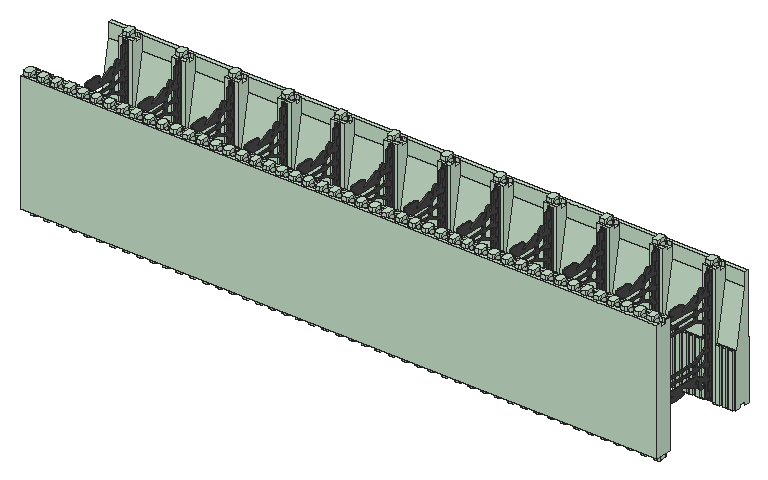
Revit family (continued)
Forms (mm)
  Extrusion 54, void
    sketch origin (1574.8, 0.015, 0) x (-1, 0, 0) y (0, -1, 0)
      loop
        arc (50.8, -101.014) -> (50.362, -98.696) -> (49.108, -96.698) r 6.35
        arc (49.108, -96.698) -> (48.795, -96.199) -> (48.685, -95.62) r 1.588
        line (48.685, -95.62) -> (48.685, -86.829) -> (44.346, -86.829) -> (44.346, -92.457)
        arc (44.346, -92.457) -> (43.786, -93.668) -> (42.5, -94.024) r 1.587
        arc (42.5, -94.024) -> (36.091, -93.737) -> (29.796, -94.972) r 26.988
        arc (29.796, -94.972) -> (26.615, -97.278) -> (25.4, -101.014) r 6.35
        line (25.4, -101.014) -> (25.4, -124.411)
    from 457.2 to 444.5
  Extrusion 55, void
    sketch origin (1371.6, 0.015, 0) x (-1, 0, 0) y (0, -1, 0)
      loop
        arc (25.4, -124.411) -> (26.615, -128.147) -> (29.796, -130.453) r 6.35
        arc (29.796, -130.453) -> (38.1, -131.763) -> (46.404, -130.453) r 26.987
        arc (46.404, -130.453) -> (49.585, -128.147) -> (50.8, -124.411) r 6.35
        line (50.8, -124.411) -> (50.8, -101.014)
        arc (50.8, -101.014) -> (50.362, -98.696) -> (49.108, -96.698) r 6.35
        arc (49.108, -96.698) -> (48.795, -96.199) -> (48.685, -95.62) r 1.588
        line (48.685, -95.62) -> (48.685, -86.829) -> (44.346, -86.829) -> (44.346, -92.457)
        arc (44.346, -92.457) -> (43.786, -93.668) -> (42.5, -94.024) r 1.587
        arc (42.5, -94.024) -> (36.091, -93.737) -> (29.796, -94.972) r 26.988
        arc (29.796, -94.972) -> (26.615, -97.278) -> (25.4, -101.014) r 6.35
        line (25.4, -101.014) -> (25.4, -124.411)
    from 457.2 to 444.5
  Extrusion 56, void
    sketch origin (1168.4, 0.015, 0) x (-1, 0, 0) y (0, -1, 0)
      loop
        arc (25.4, -124.411) -> (26.615, -128.147) -> (29.796, -130.453) r 6.35
        arc (29.796, -130.453) -> (38.1, -131.763) -> (46.404, -130.453) r 26.987
        arc (46.404, -130.453) -> (49.585, -128.147) -> (50.8, -124.411) r 6.35
        line (50.8, -124.411) -> (50.8, -101.014)
        arc (50.8, -101.014) -> (50.362, -98.696) -> (49.108, -96.698) r 6.35
        arc (49.108, -96.698) -> (48.795, -96.199) -> (48.685, -95.62) r 1.588
        line (48.685, -95.62) -> (48.685, -86.829) -> (44.346, -86.829) -> (44.346, -92.457)
        arc (44.346, -92.457) -> (43.786, -93.668) -> (42.5, -94.024) r 1.587
        arc (42.5, -94.024) -> (36.091, -93.737) -> (29.796, -94.972) r 26.988
        arc (29.796, -94.972) -> (26.615, -97.278) -> (25.4, -101.014) r 6.35
        line (25.4, -101.014) -> (25.4, -124.411)
    from 457.2 to 444.5
  Extrusion 57, void
    sketch origin (965.2, 0.015, 0) x (-1, 0, 0) y (0, -1, 0)
      loop
        arc (25.4, -124.411) -> (26.615, -128.147) -> (29.796, -130.453) r 6.35
        arc (29.796, -130.453) -> (38.1, -131.763) -> (46.404, -130.453) r 26.987
        arc (46.404, -130.453) -> (49.585, -128.147) -> (50.8, -124.411) r 6.35
        line (50.8, -124.411) -> (50.8, -101.014)
        arc (50.8, -101.014) -> (50.362, -98.696) -> (49.108, -96.698) r 6.35
        arc (49.108, -96.698) -> (48.795, -96.199) -> (48.685, -95.62) r 1.588
        line (48.685, -95.62) -> (48.685, -86.829) -> (44.346, -86.829) -> (44.346, -92.457)
        arc (44.346, -92.457) -> (43.786, -93.668) -> (42.5, -94.024) r 1.587
        arc (42.5, -94.024) -> (36.091, -93.737) -> (29.796, -94.972) r 26.988
        arc (29.796, -94.972) -> (26.615, -97.278) -> (25.4, -101.014) r 6.35
        line (25.4, -101.014) -> (25.4, -124.411)
    from 457.2 to 444.5
  Extrusion 58, void
    sketch origin (762, 0.015, 0) x (-1, 0, 0) y (0, -1, 0)
      loop
        arc (25.4, -124.411) -> (26.615, -128.147) -> (29.796, -130.453) r 6.35
        arc (29.796, -130.453) -> (38.1, -131.763) -> (46.404, -130.453) r 26.987
        arc (46.404, -130.453) -> (49.585, -128.147) -> (50.8, -124.411) r 6.35
        line (50.8, -124.411) -> (50.8, -101.014)
        arc (50.8, -101.014) -> (50.362, -98.696) -> (49.108, -96.698) r 6.35
        arc (49.108, -96.698) -> (48.795, -96.199) -> (48.685, -95.62) r 1.588
        line (48.685, -95.62) -> (48.685, -86.829) -> (44.346, -86.829) -> (44.346, -92.457)
        arc (44.346, -92.457) -> (43.786, -93.668) -> (42.5, -94.024) r 1.587
        arc (42.5, -94.024) -> (36.091, -93.737) -> (29.796, -94.972) r 26.988
        arc (29.796, -94.972) -> (26.615, -97.278) -> (25.4, -101.014) r 6.35
        line (25.4, -101.014) -> (25.4, -124.411)
    from 457.2 to 444.5
  Extrusion 59, void
    sketch origin (558.8, 0.015, 0) x (-1, 0, 0) y (0, -1, 0)
      loop
        arc (25.4, -124.411) -> (26.615, -128.147) -> (29.796, -130.453) r 6.35
        arc (29.796, -130.453) -> (38.1, -131.763) -> (46.404, -130.453) r 26.987
        arc (46.404, -130.453) -> (49.585, -128.147) -> (50.8, -124.411) r 6.35
        line (50.8, -124.411) -> (50.8, -101.014)
        arc (50.8, -101.014) -> (50.362, -98.696) -> (49.108, -96.698) r 6.35
        arc (49.108, -96.698) -> (48.795, -96.199) -> (48.685, -95.62) r 1.588
        line (48.685, -95.62) -> (48.685, -86.829) -> (44.346, -86.829) -> (44.346, -92.457)
        arc (44.346, -92.457) -> (43.786, -93.668) -> (42.5, -94.024) r 1.587
        arc (42.5, -94.024) -> (36.091, -93.737) -> (29.796, -94.972) r 26.988
        arc (29.796, -94.972) -> (26.615, -97.278) -> (25.4, -101.014) r 6.35
        line (25.4, -101.014) -> (25.4, -124.411)
    from 457.2 to 444.5
  Extrusion 60, void
    sketch origin (355.6, 0.015, 0) x (-1, 0, 0) y (0, -1, 0)
      loop
        arc (25.4, -124.411) -> (26.615, -128.147) -> (29.796, -130.453) r 6.35
        arc (29.796, -130.453) -> (38.1, -131.763) -> (46.404, -130.453) r 26.987
        arc (46.404, -130.453) -> (49.585, -128.147) -> (50.8, -124.411) r 6.35
        line (50.8, -124.411) -> (50.8, -101.014)
        arc (50.8, -101.014) -> (50.362, -98.696) -> (49.108, -96.698) r 6.35
        arc (49.108, -96.698) -> (48.795, -96.199) -> (48.685, -95.62) r 1.588
        line (48.685, -95.62) -> (48.685, -86.829) -> (44.346, -86.829) -> (44.346, -92.457)
        arc (44.346, -92.457) -> (43.786, -93.668) -> (42.5, -94.024) r 1.587
        arc (42.5, -94.024) -> (36.091, -93.737) -> (29.796, -94.972) r 26.988
        arc (29.796, -94.972) -> (26.615, -97.278) -> (25.4, -101.014) r 6.35
        line (25.4, -101.014) -> (25.4, -124.411)
    from 457.2 to 444.5
  Extrusion 61, void
    sketch origin (152.4, 0.015, 0) x (-1, 0, 0) y (0, -1, 0)
      loop
        arc (25.4, -124.411) -> (26.615, -128.147) -> (29.796, -130.453) r 6.35
        arc (29.796, -130.453) -> (38.1, -131.763) -> (46.404, -130.453) r 26.987
        arc (46.404, -130.453) -> (49.585, -128.147) -> (50.8, -124.411) r 6.35
        line (50.8, -124.411) -> (50.8, -101.014)
        arc (50.8, -101.014) -> (50.362, -98.696) -> (49.108, -96.698) r 6.35
        arc (49.108, -96.698) -> (48.795, -96.199) -> (48.685, -95.62) r 1.588
        line (48.685, -95.62) -> (48.685, -86.829) -> (44.346, -86.829) -> (44.346, -92.457)
        arc (44.346, -92.457) -> (43.786, -93.668) -> (42.5, -94.024) r 1.587
        arc (42.5, -94.024) -> (36.091, -93.737) -> (29.796, -94.972) r 26.988
        arc (29.796, -94.972) -> (26.615, -97.278) -> (25.4, -101.014) r 6.35
        line (25.4, -101.014) -> (25.4, -124.411)
    from 457.2 to 444.5
  Extrusion 62, void
    sketch origin (50.8, -152.385, 0) x (-1, 0, 0) y (0, -1, 0)
      loop
        line (25.4, 124.411) -> (25.4, 101.014)
        arc (25.4, 101.014) -> (26.615, 97.278) -> (29.796, 94.972) r 6.35
        arc (29.796, 94.972) -> (36.091, 93.737) -> (42.5, 94.024) r 26.988
        arc (42.5, 94.024) -> (43.786, 93.668) -> (44.346, 92.457) r 1.587
        line (44.346, 92.457) -> (44.346, 86.829) -> (48.685, 86.829) -> (48.685, 95.62)
        arc (48.685, 95.62) -> (48.795, 96.199) -> (49.108, 96.698) r 1.588
        arc (49.108, 96.698) -> (50.362, 98.696) -> (50.8, 101.014) r 6.35
        line (50.8, 101.014) -> (50.8, 124.411)
        arc (50.8, 124.411) -> (49.585, 128.147) -> (46.404, 130.453) r 6.35
        arc (46.404, 130.453) -> (38.1, 131.763) -> (29.796, 130.453) r 26.987
        arc (29.796, 130.453) -> (26.615, 128.147) -> (25.4, 124.411) r 6.35
    from 0 to 12.7
  Extrusion 63, void
    sketch origin (101.6, -152.385, 0) x (-1, 0, 0) y (0, -1, 0)
      loop
        line (25.4, 124.411) -> (25.4, 101.014)
        arc (25.4, 101.014) -> (26.615, 97.278) -> (29.796, 94.972) r 6.35
        arc (29.796, 94.972) -> (36.091, 93.737) -> (42.5, 94.024) r 26.988
        arc (42.5, 94.024) -> (43.786, 93.668) -> (44.346, 92.457) r 1.587
        line (44.346, 92.457) -> (44.346, 86.829) -> (48.685, 86.829) -> (48.685, 95.62)
        arc (48.685, 95.62) -> (48.795, 96.199) -> (49.108, 96.698) r 1.588
        arc (49.108, 96.698) -> (50.362, 98.696) -> (50.8, 101.014) r 6.35
        line (50.8, 101.014) -> (50.8, 124.411)
        arc (50.8, 124.411) -> (49.585, 128.147) -> (46.404, 130.453) r 6.35
        arc (46.404, 130.453) -> (38.1, 131.763) -> (29.796, 130.453) r 26.987
        arc (29.796, 130.453) -> (26.615, 128.147) -> (25.4, 124.411) r 6.35
    from 0 to 12.7
  Extrusion 64, void
    sketch origin (152.4, -152.385, 0) x (-1, 0, 0) y (0, -1, 0)
      loop
        line (25.4, 124.411) -> (25.4, 101.014)
        arc (25.4, 101.014) -> (26.615, 97.278) -> (29.796, 94.972) r 6.35
        arc (29.796, 94.972) -> (36.091, 93.737) -> (42.5, 94.024) r 26.988
        arc (42.5, 94.024) -> (43.786, 93.668) -> (44.346, 92.457) r 1.587
        line (44.346, 92.457) -> (44.346, 86.829) -> (48.685, 86.829) -> (48.685, 95.62)
        arc (48.685, 95.62) -> (48.795, 96.199) -> (49.108, 96.698) r 1.588
        arc (49.108, 96.698) -> (50.362, 98.696) -> (50.8, 101.014) r 6.35
        line (50.8, 101.014) -> (50.8, 124.411)
        arc (50.8, 124.411) -> (49.585, 128.147) -> (46.404, 130.453) r 6.35
        arc (46.404, 130.453) -> (38.1, 131.763) -> (29.796, 130.453) r 26.987
        arc (29.796, 130.453) -> (26.615, 128.147) -> (25.4, 124.411) r 6.35
    from 0 to 12.7
  Extrusion 65, void
    sketch origin (203.2, -152.385, 0) x (-1, 0, 0) y (0, -1, 0)
      loop
        line (25.4, 124.411) -> (25.4, 101.014)
        arc (25.4, 101.014) -> (26.615, 97.278) -> (29.796, 94.972) r 6.35
        arc (29.796, 94.972) -> (36.091, 93.737) -> (42.5, 94.024) r 26.988
        arc (42.5, 94.024) -> (43.786, 93.668) -> (44.346, 92.457) r 1.587
        line (44.346, 92.457) -> (44.346, 86.829) -> (48.685, 86.829) -> (48.685, 95.62)
        arc (48.685, 95.62) -> (48.795, 96.199) -> (49.108, 96.698) r 1.588
        arc (49.108, 96.698) -> (50.362, 98.696) -> (50.8, 101.014) r 6.35
        line (50.8, 101.014) -> (50.8, 124.411)
        arc (50.8, 124.411) -> (49.585, 128.147) -> (46.404, 130.453) r 6.35
        arc (46.404, 130.453) -> (38.1, 131.763) -> (29.796, 130.453) r 26.987
        arc (29.796, 130.453) -> (26.615, 128.147) -> (25.4, 124.411) r 6.35
    from 0 to 12.7
  Extrusion 66, void
    sketch origin (254, -152.385, 0) x (-1, 0, 0) y (0, -1, 0)
      loop
        line (25.4, 124.411) -> (25.4, 101.014)
        arc (25.4, 101.014) -> (26.615, 97.278) -> (29.796, 94.972) r 6.35
        arc (29.796, 94.972) -> (36.091, 93.737) -> (42.5, 94.024) r 26.988
        arc (42.5, 94.024) -> (43.786, 93.668) -> (44.346, 92.457) r 1.587
        line (44.346, 92.457) -> (44.346, 86.829) -> (48.685, 86.829) -> (48.685, 95.62)
        arc (48.685, 95.62) -> (48.795, 96.199) -> (49.108, 96.698) r 1.588
        arc (49.108, 96.698) -> (50.362, 98.696) -> (50.8, 101.014) r 6.35
        line (50.8, 101.014) -> (50.8, 124.411)
        arc (50.8, 124.411) -> (49.585, 128.147) -> (46.404, 130.453) r 6.35
        arc (46.404, 130.453) -> (38.1, 131.763) -> (29.796, 130.453) r 26.987
        arc (29.796, 130.453) -> (26.615, 128.147) -> (25.4, 124.411) r 6.35
    from 0 to 12.7
  Extrusion 67, void
    sketch origin (304.8, -152.385, 0) x (-1, 0, 0) y (0, -1, 0)
      loop
        line (25.4, 124.411) -> (25.4, 101.014)
        arc (25.4, 101.014) -> (26.615, 97.278) -> (29.796, 94.972) r 6.35
        arc (29.796, 94.972) -> (36.091, 93.737) -> (42.5, 94.024) r 26.988
        arc (42.5, 94.024) -> (43.786, 93.668) -> (44.346, 92.457) r 1.587
        line (44.346, 92.457) -> (44.346, 86.829) -> (48.685, 86.829) -> (48.685, 95.62)
        arc (48.685, 95.62) -> (48.795, 96.199) -> (49.108, 96.698) r 1.588
        arc (49.108, 96.698) -> (50.362, 98.696) -> (50.8, 101.014) r 6.35
        line (50.8, 101.014) -> (50.8, 124.411)
        arc (50.8, 124.411) -> (49.585, 128.147) -> (46.404, 130.453) r 6.35
        arc (46.404, 130.453) -> (38.1, 131.763) -> (29.796, 130.453) r 26.987
        arc (29.796, 130.453) -> (26.615, 128.147) -> (25.4, 124.411) r 6.35
    from 0 to 12.7
  Extrusion 68, void
    sketch origin (355.6, -152.385, 0) x (-1, 0, 0) y (0, -1, 0)
      loop
        line (25.4, 124.411) -> (25.4, 101.014)
        arc (25.4, 101.014) -> (26.615, 97.278) -> (29.796, 94.972) r 6.35
        arc (29.796, 94.972) -> (36.091, 93.737) -> (42.5, 94.024) r 26.988
        arc (42.5, 94.024) -> (43.786, 93.668) -> (44.346, 92.457) r 1.587
        line (44.346, 92.457) -> (44.346, 86.829) -> (48.685, 86.829) -> (48.685, 95.62)
        arc (48.685, 95.62) -> (48.795, 96.199) -> (49.108, 96.698) r 1.588
        arc (49.108, 96.698) -> (50.362, 98.696) -> (50.8, 101.014) r 6.35
        line (50.8, 101.014) -> (50.8, 124.411)
        arc (50.8, 124.411) -> (49.585, 128.147) -> (46.404, 130.453) r 6.35
        arc (46.404, 130.453) -> (38.1, 131.763) -> (29.796, 130.453) r 26.987
        arc (29.796, 130.453) -> (26.615, 128.147) -> (25.4, 124.411) r 6.35
    from 0 to 12.7
  Extrusion 69, void
    sketch origin (406.4, -152.385, 0) x (-1, 0, 0) y (0, -1, 0)
      loop
        line (25.4, 124.411) -> (25.4, 101.014)
        arc (25.4, 101.014) -> (26.615, 97.278) -> (29.796, 94.972) r 6.35
        arc (29.796, 94.972) -> (36.091, 93.737) -> (42.5, 94.024) r 26.988
        arc (42.5, 94.024) -> (43.786, 93.668) -> (44.346, 92.457) r 1.587
        line (44.346, 92.457) -> (44.346, 86.829) -> (48.685, 86.829) -> (48.685, 95.62)
        arc (48.685, 95.62) -> (48.795, 96.199) -> (49.108, 96.698) r 1.588
        arc (49.108, 96.698) -> (50.362, 98.696) -> (50.8, 101.014) r 6.35
        line (50.8, 101.014) -> (50.8, 124.411)
        arc (50.8, 124.411) -> (49.585, 128.147) -> (46.404, 130.453) r 6.35
        arc (46.404, 130.453) -> (38.1, 131.763) -> (29.796, 130.453) r 26.987
        arc (29.796, 130.453) -> (26.615, 128.147) -> (25.4, 124.411) r 6.35
    from 0 to 12.7
  Extrusion 70, void
    sketch origin (457.2, -152.385, 0) x (-1, 0, 0) y (0, -1, 0)
      loop
        line (25.4, 124.411) -> (25.4, 101.014)
        arc (25.4, 101.014) -> (26.615, 97.278) -> (29.796, 94.972) r 6.35
        arc (29.796, 94.972) -> (36.091, 93.737) -> (42.5, 94.024) r 26.988
        arc (42.5, 94.024) -> (43.786, 93.668) -> (44.346, 92.457) r 1.587
        line (44.346, 92.457) -> (44.346, 86.829) -> (48.685, 86.829) -> (48.685, 95.62)
        arc (48.685, 95.62) -> (48.795, 96.199) -> (49.108, 96.698) r 1.588
        arc (49.108, 96.698) -> (50.362, 98.696) -> (50.8, 101.014) r 6.35
        line (50.8, 101.014) -> (50.8, 124.411)
        arc (50.8, 124.411) -> (49.585, 128.147) -> (46.404, 130.453) r 6.35
        arc (46.404, 130.453) -> (38.1, 131.763) -> (29.796, 130.453) r 26.987
        arc (29.796, 130.453) -> (26.615, 128.147) -> (25.4, 124.411) r 6.35
    from 0 to 12.7
  Extrusion 71, void
    sketch origin (508, -152.385, 0) x (-1, 0, 0) y (0, -1, 0)
      loop
        line (25.4, 124.411) -> (25.4, 101.014)
        arc (25.4, 101.014) -> (26.615, 97.278) -> (29.796, 94.972) r 6.35
        arc (29.796, 94.972) -> (36.091, 93.737) -> (42.5, 94.024) r 26.988
        arc (42.5, 94.024) -> (43.786, 93.668) -> (44.346, 92.457) r 1.587
        line (44.346, 92.457) -> (44.346, 86.829) -> (48.685, 86.829) -> (48.685, 95.62)
        arc (48.685, 95.62) -> (48.795, 96.199) -> (49.108, 96.698) r 1.588
        arc (49.108, 96.698) -> (50.362, 98.696) -> (50.8, 101.014) r 6.35
        line (50.8, 101.014) -> (50.8, 124.411)
        arc (50.8, 124.411) -> (49.585, 128.147) -> (46.404, 130.453) r 6.35
        arc (46.404, 130.453) -> (38.1, 131.763) -> (29.796, 130.453) r 26.987
        arc (29.796, 130.453) -> (26.615, 128.147) -> (25.4, 124.411) r 6.35
    from 0 to 12.7
  Extrusion 72, void
    sketch origin (558.8, -152.385, 0) x (-1, 0, 0) y (0, -1, 0)
      loop
        line (25.4, 124.411) -> (25.4, 101.014)
        arc (25.4, 101.014) -> (26.615, 97.278) -> (29.796, 94.972) r 6.35
        arc (29.796, 94.972) -> (36.091, 93.737) -> (42.5, 94.024) r 26.988
        arc (42.5, 94.024) -> (43.786, 93.668) -> (44.346, 92.457) r 1.587
        line (44.346, 92.457) -> (44.346, 86.829) -> (48.685, 86.829) -> (48.685, 95.62)
        arc (48.685, 95.62) -> (48.795, 96.199) -> (49.108, 96.698) r 1.588
        arc (49.108, 96.698) -> (50.362, 98.696) -> (50.8, 101.014) r 6.35
        line (50.8, 101.014) -> (50.8, 124.411)
        arc (50.8, 124.411) -> (49.585, 128.147) -> (46.404, 130.453) r 6.35
        arc (46.404, 130.453) -> (38.1, 131.763) -> (29.796, 130.453) r 26.987
        arc (29.796, 130.453) -> (26.615, 128.147) -> (25.4, 124.411) r 6.35
    from 0 to 12.7
  Extrusion 73, void
    sketch origin (609.6, -152.385, 0) x (-1, 0, 0) y (0, -1, 0)
      loop
        line (25.4, 124.411) -> (25.4, 101.014)
        arc (25.4, 101.014) -> (26.615, 97.278) -> (29.796, 94.972) r 6.35
        arc (29.796, 94.972) -> (36.091, 93.737) -> (42.5, 94.024) r 26.988
        arc (42.5, 94.024) -> (43.786, 93.668) -> (44.346, 92.457) r 1.587
        line (44.346, 92.457) -> (44.346, 86.829) -> (48.685, 86.829) -> (48.685, 95.62)
        arc (48.685, 95.62) -> (48.795, 96.199) -> (49.108, 96.698) r 1.588
        arc (49.108, 96.698) -> (50.362, 98.696) -> (50.8, 101.014) r 6.35
        line (50.8, 101.014) -> (50.8, 124.411)
        arc (50.8, 124.411) -> (49.585, 128.147) -> (46.404, 130.453) r 6.35
        arc (46.404, 130.453) -> (38.1, 131.763) -> (29.796, 130.453) r 26.987
        arc (29.796, 130.453) -> (26.615, 128.147) -> (25.4, 124.411) r 6.35
    from 0 to 12.7
  Extrusion 74, void
    sketch origin (660.4, -152.385, 0) x (-1, 0, 0) y (0, -1, 0)
      loop
        line (25.4, 124.411) -> (25.4, 101.014)
        arc (25.4, 101.014) -> (26.615, 97.278) -> (29.796, 94.972) r 6.35
        arc (29.796, 94.972) -> (36.091, 93.737) -> (42.5, 94.024) r 26.988
        arc (42.5, 94.024) -> (43.786, 93.668) -> (44.346, 92.457) r 1.587
        line (44.346, 92.457) -> (44.346, 86.829) -> (48.685, 86.829) -> (48.685, 95.62)
        arc (48.685, 95.62) -> (48.795, 96.199) -> (49.108, 96.698) r 1.588
        arc (49.108, 96.698) -> (50.362, 98.696) -> (50.8, 101.014) r 6.35
        line (50.8, 101.014) -> (50.8, 124.411)
        arc (50.8, 124.411) -> (49.585, 128.147) -> (46.404, 130.453) r 6.35
        arc (46.404, 130.453) -> (38.1, 131.763) -> (29.796, 130.453) r 26.987
        arc (29.796, 130.453) -> (26.615, 128.147) -> (25.4, 124.411) r 6.35
    from 0 to 12.7
  Extrusion 75, void
    sketch origin (711.2, -152.385, 0) x (-1, 0, 0) y (0, -1, 0)
      loop
        line (25.4, 124.411) -> (25.4, 101.014)
        arc (25.4, 101.014) -> (26.615, 97.278) -> (29.796, 94.972) r 6.35
        arc (29.796, 94.972) -> (36.091, 93.737) -> (42.5, 94.024) r 26.988
        arc (42.5, 94.024) -> (43.786, 93.668) -> (44.346, 92.457) r 1.587
        line (44.346, 92.457) -> (44.346, 86.829) -> (48.685, 86.829) -> (48.685, 95.62)
        arc (48.685, 95.62) -> (48.795, 96.199) -> (49.108, 96.698) r 1.588
        arc (49.108, 96.698) -> (50.362, 98.696) -> (50.8, 101.014) r 6.35
        line (50.8, 101.014) -> (50.8, 124.411)
        arc (50.8, 124.411) -> (49.585, 128.147) -> (46.404, 130.453) r 6.35
        arc (46.404, 130.453) -> (38.1, 131.763) -> (29.796, 130.453) r 26.987
        arc (29.796, 130.453) -> (26.615, 128.147) -> (25.4, 124.411) r 6.35
    from 0 to 12.7
  Extrusion 76, void
    sketch origin (762, -152.385, 0) x (-1, 0, 0) y (0, -1, 0)
      loop
        line (25.4, 124.411) -> (25.4, 101.014)
        arc (25.4, 101.014) -> (26.615, 97.278) -> (29.796, 94.972) r 6.35
        arc (29.796, 94.972) -> (36.091, 93.737) -> (42.5, 94.024) r 26.988
        arc (42.5, 94.024) -> (43.786, 93.668) -> (44.346, 92.457) r 1.587
        line (44.346, 92.457) -> (44.346, 86.829) -> (48.685, 86.829) -> (48.685, 95.62)
        arc (48.685, 95.62) -> (48.795, 96.199) -> (49.108, 96.698) r 1.588
        arc (49.108, 96.698) -> (50.362, 98.696) -> (50.8, 101.014) r 6.35
        line (50.8, 101.014) -> (50.8, 124.411)
        arc (50.8, 124.411) -> (49.585, 128.147) -> (46.404, 130.453) r 6.35
        arc (46.404, 130.453) -> (38.1, 131.763) -> (29.796, 130.453) r 26.987
        arc (29.796, 130.453) -> (26.615, 128.147) -> (25.4, 124.411) r 6.35
    from 0 to 12.7
  Extrusion 77, void
    sketch origin (812.8, -152.385, 0) x (-1, 0, 0) y (0, -1, 0)
      loop
        line (25.4, 124.411) -> (25.4, 101.014)
        arc (25.4, 101.014) -> (26.615, 97.278) -> (29.796, 94.972) r 6.35
        arc (29.796, 94.972) -> (36.091, 93.737) -> (42.5, 94.024) r 26.988
        arc (42.5, 94.024) -> (43.786, 93.668) -> (44.346, 92.457) r 1.587
        line (44.346, 92.457) -> (44.346, 86.829) -> (48.685, 86.829) -> (48.685, 95.62)
        arc (48.685, 95.62) -> (48.795, 96.199) -> (49.108, 96.698) r 1.588
        arc (49.108, 96.698) -> (50.362, 98.696) -> (50.8, 101.014) r 6.35
        line (50.8, 101.014) -> (50.8, 124.411)
        arc (50.8, 124.411) -> (49.585, 128.147) -> (46.404, 130.453) r 6.35
        arc (46.404, 130.453) -> (38.1, 131.763) -> (29.796, 130.453) r 26.987
        arc (29.796, 130.453) -> (26.615, 128.147) -> (25.4, 124.411) r 6.35
    from 0 to 12.7
  Extrusion 78, void
    sketch origin (863.6, -152.385, 0) x (-1, 0, 0) y (0, -1, 0)
      loop
        line (25.4, 124.411) -> (25.4, 101.014)
        arc (25.4, 101.014) -> (26.615, 97.278) -> (29.796, 94.972) r 6.35
        arc (29.796, 94.972) -> (36.091, 93.737) -> (42.5, 94.024) r 26.988
        arc (42.5, 94.024) -> (43.786, 93.668) -> (44.346, 92.457) r 1.587
        line (44.346, 92.457) -> (44.346, 86.829) -> (48.685, 86.829) -> (48.685, 95.62)
        arc (48.685, 95.62) -> (48.795, 96.199) -> (49.108, 96.698) r 1.588
        arc (49.108, 96.698) -> (50.362, 98.696) -> (50.8, 101.014) r 6.35
        line (50.8, 101.014) -> (50.8, 124.411)
        arc (50.8, 124.411) -> (49.585, 128.147) -> (46.404, 130.453) r 6.35
        arc (46.404, 130.453) -> (38.1, 131.763) -> (29.796, 130.453) r 26.987
        arc (29.796, 130.453) -> (26.615, 128.147) -> (25.4, 124.411) r 6.35
    from 0 to 12.7
  Extrusion 79, void
    sketch origin (914.4, -152.385, 0) x (-1, 0, 0) y (0, -1, 0)
      loop
        line (25.4, 124.411) -> (25.4, 101.014)
        arc (25.4, 101.014) -> (26.615, 97.278) -> (29.796, 94.972) r 6.35
        arc (29.796, 94.972) -> (36.091, 93.737) -> (42.5, 94.024) r 26.988
        arc (42.5, 94.024) -> (43.786, 93.668) -> (44.346, 92.457) r 1.587
        line (44.346, 92.457) -> (44.346, 86.829) -> (48.685, 86.829) -> (48.685, 95.62)
        arc (48.685, 95.62) -> (48.795, 96.199) -> (49.108, 96.698) r 1.588
        arc (49.108, 96.698) -> (50.362, 98.696) -> (50.8, 101.014) r 6.35
        line (50.8, 101.014) -> (50.8, 124.411)
        arc (50.8, 124.411) -> (49.585, 128.147) -> (46.404, 130.453) r 6.35
        arc (46.404, 130.453) -> (38.1, 131.763) -> (29.796, 130.453) r 26.987
        arc (29.796, 130.453) -> (26.615, 128.147) -> (25.4, 124.411) r 6.35
    from 0 to 12.7
  Extrusion 80, void
    sketch origin (965.2, -152.385, 0) x (-1, 0, 0) y (0, -1, 0)
      loop
        line (25.4, 124.411) -> (25.4, 101.014)
        arc (25.4, 101.014) -> (26.615, 97.278) -> (29.796, 94.972) r 6.35
        arc (29.796, 94.972) -> (36.091, 93.737) -> (42.5, 94.024) r 26.988
        arc (42.5, 94.024) -> (43.786, 93.668) -> (44.346, 92.457) r 1.587
        line (44.346, 92.457) -> (44.346, 86.829) -> (48.685, 86.829) -> (48.685, 95.62)
        arc (48.685, 95.62) -> (48.795, 96.199) -> (49.108, 96.698) r 1.588
        arc (49.108, 96.698) -> (50.362, 98.696) -> (50.8, 101.014) r 6.35
        line (50.8, 101.014) -> (50.8, 124.411)
        arc (50.8, 124.411) -> (49.585, 128.147) -> (46.404, 130.453) r 6.35
        arc (46.404, 130.453) -> (38.1, 131.763) -> (29.796, 130.453) r 26.987
        arc (29.796, 130.453) -> (26.615, 128.147) -> (25.4, 124.411) r 6.35
    from 0 to 12.7
  Extrusion 81, void
    sketch origin (1016, -152.385, 0) x (-1, 0, 0) y (0, -1, 0)
      loop
        line (25.4, 124.411) -> (25.4, 101.014)
        arc (25.4, 101.014) -> (26.615, 97.278) -> (29.796, 94.972) r 6.35
        arc (29.796, 94.972) -> (36.091, 93.737) -> (42.5, 94.024) r 26.988
        arc (42.5, 94.024) -> (43.786, 93.668) -> (44.346, 92.457) r 1.587
        line (44.346, 92.457) -> (44.346, 86.829) -> (48.685, 86.829) -> (48.685, 95.62)
        arc (48.685, 95.62) -> (48.795, 96.199) -> (49.108, 96.698) r 1.588
        arc (49.108, 96.698) -> (50.362, 98.696) -> (50.8, 101.014) r 6.35
        line (50.8, 101.014) -> (50.8, 124.411)
        arc (50.8, 124.411) -> (49.585, 128.147) -> (46.404, 130.453) r 6.35
        arc (46.404, 130.453) -> (38.1, 131.763) -> (29.796, 130.453) r 26.987
        arc (29.796, 130.453) -> (26.615, 128.147) -> (25.4, 124.411) r 6.35
    from 0 to 12.7
  Extrusion 82, void
    sketch origin (1066.8, -152.385, 0) x (-1, 0, 0) y (0, -1, 0)
      loop
        line (25.4, 124.411) -> (25.4, 101.014)
        arc (25.4, 101.014) -> (26.615, 97.278) -> (29.796, 94.972) r 6.35
        arc (29.796, 94.972) -> (36.091, 93.737) -> (42.5, 94.024) r 26.988
        arc (42.5, 94.024) -> (43.786, 93.668) -> (44.346, 92.457) r 1.587
        line (44.346, 92.457) -> (44.346, 86.829) -> (48.685, 86.829) -> (48.685, 95.62)
        arc (48.685, 95.62) -> (48.795, 96.199) -> (49.108, 96.698) r 1.588
        arc (49.108, 96.698) -> (50.362, 98.696) -> (50.8, 101.014) r 6.35
        line (50.8, 101.014) -> (50.8, 124.411)
        arc (50.8, 124.411) -> (49.585, 128.147) -> (46.404, 130.453) r 6.35
        arc (46.404, 130.453) -> (38.1, 131.763) -> (29.796, 130.453) r 26.987
        arc (29.796, 130.453) -> (26.615, 128.147) -> (25.4, 124.411) r 6.35
    from 0 to 12.7
  Extrusion 83, void
    sketch origin (1117.6, -152.385, 0) x (-1, 0, 0) y (0, -1, 0)
      loop
        line (25.4, 124.411) -> (25.4, 101.014)
        arc (25.4, 101.014) -> (26.615, 97.278) -> (29.796, 94.972) r 6.35
        arc (29.796, 94.972) -> (36.091, 93.737) -> (42.5, 94.024) r 26.988
        arc (42.5, 94.024) -> (43.786, 93.668) -> (44.346, 92.457) r 1.587
        line (44.346, 92.457) -> (44.346, 86.829) -> (48.685, 86.829) -> (48.685, 95.62)
        arc (48.685, 95.62) -> (48.795, 96.199) -> (49.108, 96.698) r 1.588
        arc (49.108, 96.698) -> (50.362, 98.696) -> (50.8, 101.014) r 6.35
        line (50.8, 101.014) -> (50.8, 124.411)
        arc (50.8, 124.411) -> (49.585, 128.147) -> (46.404, 130.453) r 6.35
        arc (46.404, 130.453) -> (38.1, 131.763) -> (29.796, 130.453) r 26.987
        arc (29.796, 130.453) -> (26.615, 128.147) -> (25.4, 124.411) r 6.35
    from 0 to 12.7
  Extrusion 84, void
    sketch origin (1168.4, -152.385, 0) x (-1, 0, 0) y (0, -1, 0)
      loop
        line (25.4, 124.411) -> (25.4, 101.014)
        arc (25.4, 101.014) -> (26.615, 97.278) -> (29.796, 94.972) r 6.35
        arc (29.796, 94.972) -> (36.091, 93.737) -> (42.5, 94.024) r 26.988
        arc (42.5, 94.024) -> (43.786, 93.668) -> (44.346, 92.457) r 1.587
        line (44.346, 92.457) -> (44.346, 86.829) -> (48.685, 86.829) -> (48.685, 95.62)
        arc (48.685, 95.62) -> (48.795, 96.199) -> (49.108, 96.698) r 1.588
        arc (49.108, 96.698) -> (50.362, 98.696) -> (50.8, 101.014) r 6.35
        line (50.8, 101.014) -> (50.8, 124.411)
        arc (50.8, 124.411) -> (49.585, 128.147) -> (46.404, 130.453) r 6.35
        arc (46.404, 130.453) -> (38.1, 131.763) -> (29.796, 130.453) r 26.987
        arc (29.796, 130.453) -> (26.615, 128.147) -> (25.4, 124.411) r 6.35
    from 0 to 12.7
  Extrusion 85, void
    sketch origin (1219.2, -152.385, 0) x (-1, 0, 0) y (0, -1, 0)
      loop
        line (25.4, 124.411) -> (25.4, 101.014)
        arc (25.4, 101.014) -> (26.615, 97.278) -> (29.796, 94.972) r 6.35
        arc (29.796, 94.972) -> (36.091, 93.737) -> (42.5, 94.024) r 26.988
        arc (42.5, 94.024) -> (43.786, 93.668) -> (44.346, 92.457) r 1.587
        line (44.346, 92.457) -> (44.346, 86.829) -> (48.685, 86.829) -> (48.685, 95.62)
        arc (48.685, 95.62) -> (48.795, 96.199) -> (49.108, 96.698) r 1.588
        arc (49.108, 96.698) -> (50.362, 98.696) -> (50.8, 101.014) r 6.35
        line (50.8, 101.014) -> (50.8, 124.411)
        arc (50.8, 124.411) -> (49.585, 128.147) -> (46.404, 130.453) r 6.35
        arc (46.404, 130.453) -> (38.1, 131.763) -> (29.796, 130.453) r 26.987
        arc (29.796, 130.453) -> (26.615, 128.147) -> (25.4, 124.411) r 6.35
    from 0 to 12.7
  Extrusion 86, void
    sketch origin (1270, -152.385, 0) x (-1, 0, 0) y (0, -1, 0)
      loop
        line (25.4, 124.411) -> (25.4, 101.014)
        arc (25.4, 101.014) -> (26.615, 97.278) -> (29.796, 94.972) r 6.35
        arc (29.796, 94.972) -> (36.091, 93.737) -> (42.5, 94.024) r 26.988
        arc (42.5, 94.024) -> (43.786, 93.668) -> (44.346, 92.457) r 1.587
        line (44.346, 92.457) -> (44.346, 86.829) -> (48.685, 86.829) -> (48.685, 95.62)
        arc (48.685, 95.62) -> (48.795, 96.199) -> (49.108, 96.698) r 1.588
        arc (49.108, 96.698) -> (50.362, 98.696) -> (50.8, 101.014) r 6.35
        line (50.8, 101.014) -> (50.8, 124.411)
        arc (50.8, 124.411) -> (49.585, 128.147) -> (46.404, 130.453) r 6.35
        arc (46.404, 130.453) -> (38.1, 131.763) -> (29.796, 130.453) r 26.987
        arc (29.796, 130.453) -> (26.615, 128.147) -> (25.4, 124.411) r 6.35
    from 0 to 12.7
  Extrusion 87, void
    sketch origin (1320.8, -152.385, 0) x (-1, 0, 0) y (0, -1, 0)
      loop
        line (25.4, 124.411) -> (25.4, 101.014)
        arc (25.4, 101.014) -> (26.615, 97.278) -> (29.796, 94.972) r 6.35
        arc (29.796, 94.972) -> (36.091, 93.737) -> (42.5, 94.024) r 26.988
        arc (42.5, 94.024) -> (43.786, 93.668) -> (44.346, 92.457) r 1.587
        line (44.346, 92.457) -> (44.346, 86.829) -> (48.685, 86.829) -> (48.685, 95.62)
        arc (48.685, 95.62) -> (48.795, 96.199) -> (49.108, 96.698) r 1.588
        arc (49.108, 96.698) -> (50.362, 98.696) -> (50.8, 101.014) r 6.35
        line (50.8, 101.014) -> (50.8, 124.411)
        arc (50.8, 124.411) -> (49.585, 128.147) -> (46.404, 130.453) r 6.35
        arc (46.404, 130.453) -> (38.1, 131.763) -> (29.796, 130.453) r 26.987
        arc (29.796, 130.453) -> (26.615, 128.147) -> (25.4, 124.411) r 6.35
    from 0 to 12.7
  Extrusion 88, void
    sketch origin (1371.6, -152.385, 0) x (-1, 0, 0) y (0, -1, 0)
      loop
        line (25.4, 124.411) -> (25.4, 101.014)
        arc (25.4, 101.014) -> (26.615, 97.278) -> (29.796, 94.972) r 6.35
        arc (29.796, 94.972) -> (36.091, 93.737) -> (42.5, 94.024) r 26.988
        arc (42.5, 94.024) -> (43.786, 93.668) -> (44.346, 92.457) r 1.587
        line (44.346, 92.457) -> (44.346, 86.829) -> (48.685, 86.829) -> (48.685, 95.62)
        arc (48.685, 95.62) -> (48.795, 96.199) -> (49.108, 96.698) r 1.588
        arc (49.108, 96.698) -> (50.362, 98.696) -> (50.8, 101.014) r 6.35
        line (50.8, 101.014) -> (50.8, 124.411)
        arc (50.8, 124.411) -> (49.585, 128.147) -> (46.404, 130.453) r 6.35
        arc (46.404, 130.453) -> (38.1, 131.763) -> (29.796, 130.453) r 26.987
        arc (29.796, 130.453) -> (26.615, 128.147) -> (25.4, 124.411) r 6.35
    from 0 to 12.7
  Extrusion 89, void
    sketch origin (1422.4, -152.385, 0) x (-1, 0, 0) y (0, -1, 0)
      loop
        line (25.4, 124.411) -> (25.4, 101.014)
        arc (25.4, 101.014) -> (26.615, 97.278) -> (29.796, 94.972) r 6.35
        arc (29.796, 94.972) -> (36.091, 93.737) -> (42.5, 94.024) r 26.988
        arc (42.5, 94.024) -> (43.786, 93.668) -> (44.346, 92.457) r 1.587
        line (44.346, 92.457) -> (44.346, 86.829) -> (48.685, 86.829) -> (48.685, 95.62)
        arc (48.685, 95.62) -> (48.795, 96.199) -> (49.108, 96.698) r 1.588
        arc (49.108, 96.698) -> (50.362, 98.696) -> (50.8, 101.014) r 6.35
        line (50.8, 101.014) -> (50.8, 124.411)
        arc (50.8, 124.411) -> (49.585, 128.147) -> (46.404, 130.453) r 6.35
        arc (46.404, 130.453) -> (38.1, 131.763) -> (29.796, 130.453) r 26.987
        arc (29.796, 130.453) -> (26.615, 128.147) -> (25.4, 124.411) r 6.35
    from 0 to 12.7
  Extrusion 90, void
    sketch origin (1473.2, -152.385, 0) x (-1, 0, 0) y (0, -1, 0)
      loop
        line (25.4, 124.411) -> (25.4, 101.014)
        arc (25.4, 101.014) -> (26.615, 97.278) -> (29.796, 94.972) r 6.35
        arc (29.796, 94.972) -> (36.091, 93.737) -> (42.5, 94.024) r 26.988
        arc (42.5, 94.024) -> (43.786, 93.668) -> (44.346, 92.457) r 1.587
        line (44.346, 92.457) -> (44.346, 86.829) -> (48.685, 86.829) -> (48.685, 95.62)
        arc (48.685, 95.62) -> (48.795, 96.199) -> (49.108, 96.698) r 1.588
        arc (49.108, 96.698) -> (50.362, 98.696) -> (50.8, 101.014) r 6.35
        line (50.8, 101.014) -> (50.8, 124.411)
        arc (50.8, 124.411) -> (49.585, 128.147) -> (46.404, 130.453) r 6.35
        arc (46.404, 130.453) -> (38.1, 131.763) -> (29.796, 130.453) r 26.987
        arc (29.796, 130.453) -> (26.615, 128.147) -> (25.4, 124.411) r 6.35
    from 0 to 12.7
  Extrusion 91, void
    sketch origin (1524, -152.385, 0) x (-1, 0, 0) y (0, -1, 0)
      loop
        line (25.4, 124.411) -> (25.4, 101.014)
        arc (25.4, 101.014) -> (26.615, 97.278) -> (29.796, 94.972) r 6.35
        arc (29.796, 94.972) -> (36.091, 93.737) -> (42.5, 94.024) r 26.988
        arc (42.5, 94.024) -> (43.786, 93.668) -> (44.346, 92.457) r 1.587
        line (44.346, 92.457) -> (44.346, 86.829) -> (48.685, 86.829) -> (48.685, 95.62)
        arc (48.685, 95.62) -> (48.795, 96.199) -> (49.108, 96.698) r 1.588
        arc (49.108, 96.698) -> (50.362, 98.696) -> (50.8, 101.014) r 6.35
        line (50.8, 101.014) -> (50.8, 124.411)
        arc (50.8, 124.411) -> (49.585, 128.147) -> (46.404, 130.453) r 6.35
        arc (46.404, 130.453) -> (38.1, 131.763) -> (29.796, 130.453) r 26.987
        arc (29.796, 130.453) -> (26.615, 128.147) -> (25.4, 124.411) r 6.35
    from 0 to 12.7
  Extrusion 92, void
    sketch origin (1574.8, -152.385, 0) x (-1, 0, 0) y (0, -1, 0)
      loop
        line (25.4, 124.411) -> (25.4, 101.014)
        arc (25.4, 101.014) -> (26.615, 97.278) -> (29.796, 94.972) r 6.35
        arc (29.796, 94.972) -> (36.091, 93.737) -> (42.5, 94.024) r 26.988
        arc (42.5, 94.024) -> (43.786, 93.668) -> (44.346, 92.457) r 1.587
        line (44.346, 92.457) -> (44.346, 86.829) -> (48.685, 86.829) -> (48.685, 95.62)
        arc (48.685, 95.62) -> (48.795, 96.199) -> (49.108, 96.698) r 1.588
        arc (49.108, 96.698) -> (50.362, 98.696) -> (50.8, 101.014) r 6.35
        line (50.8, 101.014) -> (50.8, 124.411)
        arc (50.8, 124.411) -> (49.585, 128.147) -> (46.404, 130.453) r 6.35
        arc (46.404, 130.453) -> (38.1, 131.763) -> (29.796, 130.453) r 26.987
        arc (29.796, 130.453) -> (26.615, 128.147) -> (25.4, 124.411) r 6.35
    from 0 to 12.7
  Extrusion 93, void
    sketch origin (1625.6, -152.385, 0) x (-1, 0, 0) y (0, -1, 0)
      loop
        line (25.4, 124.411) -> (25.4, 101.014)
        arc (25.4, 101.014) -> (26.615, 97.278) -> (29.796, 94.972) r 6.35
        arc (29.796, 94.972) -> (36.091, 93.737) -> (42.5, 94.024) r 26.988
        arc (42.5, 94.024) -> (43.786, 93.668) -> (44.346, 92.457) r 1.587
        line (44.346, 92.457) -> (44.346, 86.829) -> (48.685, 86.829) -> (48.685, 95.62)
        arc (48.685, 95.62) -> (48.795, 96.199) -> (49.108, 96.698) r 1.588
        arc (49.108, 96.698) -> (50.362, 98.696) -> (50.8, 101.014) r 6.35
        line (50.8, 101.014) -> (50.8, 124.411)
        arc (50.8, 124.411) -> (49.585, 128.147) -> (46.404, 130.453) r 6.35
        arc (46.404, 130.453) -> (38.1, 131.763) -> (29.796, 130.453) r 26.987
        arc (29.796, 130.453) -> (26.615, 128.147) -> (25.4, 124.411) r 6.35
    from 0 to 12.7
  Extrusion 94, void
    sketch origin (1676.4, -152.385, 0) x (-1, 0, 0) y (0, -1, 0)
      loop
        line (25.4, 124.411) -> (25.4, 101.014)
        arc (25.4, 101.014) -> (26.615, 97.278) -> (29.796, 94.972) r 6.35
        arc (29.796, 94.972) -> (36.091, 93.737) -> (42.5, 94.024) r 26.988
        arc (42.5, 94.024) -> (43.786, 93.668) -> (44.346, 92.457) r 1.587
        line (44.346, 92.457) -> (44.346, 86.829) -> (48.685, 86.829) -> (48.685, 95.62)
        arc (48.685, 95.62) -> (48.795, 96.199) -> (49.108, 96.698) r 1.588
        arc (49.108, 96.698) -> (50.362, 98.696) -> (50.8, 101.014) r 6.35
        line (50.8, 101.014) -> (50.8, 124.411)
        arc (50.8, 124.411) -> (49.585, 128.147) -> (46.404, 130.453) r 6.35
        arc (46.404, 130.453) -> (38.1, 131.763) -> (29.796, 130.453) r 26.987
        arc (29.796, 130.453) -> (26.615, 128.147) -> (25.4, 124.411) r 6.35
    from 0 to 12.7
  Extrusion 95, void
    sketch origin (1727.2, -152.385, 0) x (-1, 0, 0) y (0, -1, 0)
      loop
        line (25.4, 124.411) -> (25.4, 101.014)
        arc (25.4, 101.014) -> (26.615, 97.278) -> (29.796, 94.972) r 6.35
        arc (29.796, 94.972) -> (36.091, 93.737) -> (42.5, 94.024) r 26.988
        arc (42.5, 94.024) -> (43.786, 93.668) -> (44.346, 92.457) r 1.587
        line (44.346, 92.457) -> (44.346, 86.829) -> (48.685, 86.829) -> (48.685, 95.62)
        arc (48.685, 95.62) -> (48.795, 96.199) -> (49.108, 96.698) r 1.588
        arc (49.108, 96.698) -> (50.362, 98.696) -> (50.8, 101.014) r 6.35
        line (50.8, 101.014) -> (50.8, 124.411)
        arc (50.8, 124.411) -> (49.585, 128.147) -> (46.404, 130.453) r 6.35
        arc (46.404, 130.453) -> (38.1, 131.763) -> (29.796, 130.453) r 26.987
        arc (29.796, 130.453) -> (26.615, 128.147) -> (25.4, 124.411) r 6.35
    from 0 to 12.7
  Extrusion 96, void
    sketch origin (1778, -152.385, 0) x (-1, 0, 0) y (0, -1, 0)
      loop
        line (25.4, 124.411) -> (25.4, 101.014)
        arc (25.4, 101.014) -> (26.615, 97.278) -> (29.796, 94.972) r 6.35
        arc (29.796, 94.972) -> (36.091, 93.737) -> (42.5, 94.024) r 26.988
        arc (42.5, 94.024) -> (43.786, 93.668) -> (44.346, 92.457) r 1.587
        line (44.346, 92.457) -> (44.346, 86.829) -> (48.685, 86.829) -> (48.685, 95.62)
        arc (48.685, 95.62) -> (48.795, 96.199) -> (49.108, 96.698) r 1.588
        arc (49.108, 96.698) -> (50.362, 98.696) -> (50.8, 101.014) r 6.35
        line (50.8, 101.014) -> (50.8, 124.411)
        arc (50.8, 124.411) -> (49.585, 128.147) -> (46.404, 130.453) r 6.35
        arc (46.404, 130.453) -> (38.1, 131.763) -> (29.796, 130.453) r 26.987
        arc (29.796, 130.453) -> (26.615, 128.147) -> (25.4, 124.411) r 6.35
    from 0 to 12.7
  Extrusion 97, void
    sketch origin (1828.8, -152.385, 0) x (-1, 0, 0) y (0, -1, 0)
      loop
        line (25.4, 124.411) -> (25.4, 101.014)
        arc (25.4, 101.014) -> (26.615, 97.278) -> (29.796, 94.972) r 6.35
        arc (29.796, 94.972) -> (36.091, 93.737) -> (42.5, 94.024) r 26.988
        arc (42.5, 94.024) -> (43.786, 93.668) -> (44.346, 92.457) r 1.587
        line (44.346, 92.457) -> (44.346, 86.829) -> (48.685, 86.829) -> (48.685, 95.62)
        arc (48.685, 95.62) -> (48.795, 96.199) -> (49.108, 96.698) r 1.588
        arc (49.108, 96.698) -> (50.362, 98.696) -> (50.8, 101.014) r 6.35
        line (50.8, 101.014) -> (50.8, 124.411)
        arc (50.8, 124.411) -> (49.585, 128.147) -> (46.404, 130.453) r 6.35
        arc (46.404, 130.453) -> (38.1, 131.763) -> (29.796, 130.453) r 26.987
        arc (29.796, 130.453) -> (26.615, 128.147) -> (25.4, 124.411) r 6.35
    from 0 to 12.7
  Extrusion 98, void
    sketch origin (1879.6, -152.385, 0) x (-1, 0, 0) y (0, -1, 0)
      loop
        line (25.4, 124.411) -> (25.4, 101.014)
        arc (25.4, 101.014) -> (26.615, 97.278) -> (29.796, 94.972) r 6.35
        arc (29.796, 94.972) -> (36.091, 93.737) -> (42.5, 94.024) r 26.988
        arc (42.5, 94.024) -> (43.786, 93.668) -> (44.346, 92.457) r 1.587
        line (44.346, 92.457) -> (44.346, 86.829) -> (48.685, 86.829) -> (48.685, 95.62)
        arc (48.685, 95.62) -> (48.795, 96.199) -> (49.108, 96.698) r 1.588
        arc (49.108, 96.698) -> (50.362, 98.696) -> (50.8, 101.014) r 6.35
        line (50.8, 101.014) -> (50.8, 124.411)
        arc (50.8, 124.411) -> (49.585, 128.147) -> (46.404, 130.453) r 6.35
        arc (46.404, 130.453) -> (38.1, 131.763) -> (29.796, 130.453) r 26.987
        arc (29.796, 130.453) -> (26.615, 128.147) -> (25.4, 124.411) r 6.35
    from 0 to 12.7
  Extrusion 99, void
    sketch origin (1930.4, -152.385, 0) x (-1, 0, 0) y (0, -1, 0)
      loop
        line (25.4, 124.411) -> (25.4, 101.014)
        arc (25.4, 101.014) -> (26.615, 97.278) -> (29.796, 94.972) r 6.35
        arc (29.796, 94.972) -> (36.091, 93.737) -> (42.5, 94.024) r 26.988
        arc (42.5, 94.024) -> (43.786, 93.668) -> (44.346, 92.457) r 1.587
        line (44.346, 92.457) -> (44.346, 86.829) -> (48.685, 86.829) -> (48.685, 95.62)
        arc (48.685, 95.62) -> (48.795, 96.199) -> (49.108, 96.698) r 1.588
        arc (49.108, 96.698) -> (50.362, 98.696) -> (50.8, 101.014) r 6.35
        line (50.8, 101.014) -> (50.8, 124.411)
        arc (50.8, 124.411) -> (49.585, 128.147) -> (46.404, 130.453) r 6.35
        arc (46.404, 130.453) -> (38.1, 131.763) -> (29.796, 130.453) r 26.987
        arc (29.796, 130.453) -> (26.615, 128.147) -> (25.4, 124.411) r 6.35
    from 0 to 12.7
  Extrusion 100, void
    sketch origin (1981.2, -152.385, 0) x (-1, 0, 0) y (0, -1, 0)
      loop
        line (25.4, 124.411) -> (25.4, 101.014)
        arc (25.4, 101.014) -> (26.615, 97.278) -> (29.796, 94.972) r 6.35
        arc (29.796, 94.972) -> (36.091, 93.737) -> (42.5, 94.024) r 26.988
        arc (42.5, 94.024) -> (43.786, 93.668) -> (44.346, 92.457) r 1.587
        line (44.346, 92.457) -> (44.346, 86.829) -> (48.685, 86.829) -> (48.685, 95.62)
        arc (48.685, 95.62) -> (48.795, 96.199) -> (49.108, 96.698) r 1.588
        arc (49.108, 96.698) -> (50.362, 98.696) -> (50.8, 101.014) r 6.35
        line (50.8, 101.014) -> (50.8, 124.411)
        arc (50.8, 124.411) -> (49.585, 128.147) -> (46.404, 130.453) r 6.35
        arc (46.404, 130.453) -> (38.1, 131.763) -> (29.796, 130.453) r 26.987
        arc (29.796, 130.453) -> (26.615, 128.147) -> (25.4, 124.411) r 6.35
    from 0 to 12.7
  Extrusion 101, void
    sketch origin (2032, -152.385, 0) x (-1, 0, 0) y (0, -1, 0)
      loop
        line (25.4, 124.411) -> (25.4, 101.014)
        arc (25.4, 101.014) -> (26.615, 97.278) -> (29.796, 94.972) r 6.35
        arc (29.796, 94.972) -> (36.091, 93.737) -> (42.5, 94.024) r 26.988
        arc (42.5, 94.024) -> (43.786, 93.668) -> (44.346, 92.457) r 1.587
        line (44.346, 92.457) -> (44.346, 86.829) -> (48.685, 86.829) -> (48.685, 95.62)
        arc (48.685, 95.62) -> (48.795, 96.199) -> (49.108, 96.698) r 1.588
        arc (49.108, 96.698) -> (50.362, 98.696) -> (50.8, 101.014) r 6.35
        line (50.8, 101.014) -> (50.8, 124.411)
        arc (50.8, 124.411) -> (49.585, 128.147) -> (46.404, 130.453) r 6.35
        arc (46.404, 130.453) -> (38.1, 131.763) -> (29.796, 130.453) r 26.987
        arc (29.796, 130.453) -> (26.615, 128.147) -> (25.4, 124.411) r 6.35
    from 0 to 12.7
  Extrusion 102, void
    sketch origin (2082.8, -152.385, 0) x (-1, 0, 0) y (0, -1, 0)
      loop
        line (25.4, 124.411) -> (25.4, 101.014)
        arc (25.4, 101.014) -> (26.615, 97.278) -> (29.796, 94.972) r 6.35
        arc (29.796, 94.972) -> (36.091, 93.737) -> (42.5, 94.024) r 26.988
        arc (42.5, 94.024) -> (43.786, 93.668) -> (44.346, 92.457) r 1.587
        line (44.346, 92.457) -> (44.346, 86.829) -> (48.685, 86.829) -> (48.685, 95.62)
        arc (48.685, 95.62) -> (48.795, 96.199) -> (49.108, 96.698) r 1.588
        arc (49.108, 96.698) -> (50.362, 98.696) -> (50.8, 101.014) r 6.35
        line (50.8, 101.014) -> (50.8, 124.411)
        arc (50.8, 124.411) -> (49.585, 128.147) -> (46.404, 130.453) r 6.35
        arc (46.404, 130.453) -> (38.1, 131.763) -> (29.796, 130.453) r 26.987
        arc (29.796, 130.453) -> (26.615, 128.147) -> (25.4, 124.411) r 6.35
    from 0 to 12.7
  Extrusion 103, void
    sketch origin (2133.6, -152.385, 0) x (-1, 0, 0) y (0, -1, 0)
      loop
        line (25.4, 124.411) -> (25.4, 101.014)
        arc (25.4, 101.014) -> (26.615, 97.278) -> (29.796, 94.972) r 6.35
        arc (29.796, 94.972) -> (36.091, 93.737) -> (42.5, 94.024) r 26.988
        arc (42.5, 94.024) -> (43.786, 93.668) -> (44.346, 92.457) r 1.587
        line (44.346, 92.457) -> (44.346, 86.829) -> (48.685, 86.829) -> (48.685, 95.62)
        arc (48.685, 95.62) -> (48.795, 96.199) -> (49.108, 96.698) r 1.588
        arc (49.108, 96.698) -> (50.362, 98.696) -> (50.8, 101.014) r 6.35
        line (50.8, 101.014) -> (50.8, 124.411)
        arc (50.8, 124.411) -> (49.585, 128.147) -> (46.404, 130.453) r 6.35
        arc (46.404, 130.453) -> (38.1, 131.763) -> (29.796, 130.453) r 26.987
        arc (29.796, 130.453) -> (26.615, 128.147) -> (25.4, 124.411) r 6.35
    from 0 to 12.7
  Extrusion 104, void
    sketch origin (2184.4, -152.385, 0) x (-1, 0, 0) y (0, -1, 0)
      loop
        line (25.4, 124.411) -> (25.4, 101.014)
        arc (25.4, 101.014) -> (26.615, 97.278) -> (29.796, 94.972) r 6.35
        arc (29.796, 94.972) -> (36.091, 93.737) -> (42.5, 94.024) r 26.988
        arc (42.5, 94.024) -> (43.786, 93.668) -> (44.346, 92.457) r 1.587
        line (44.346, 92.457) -> (44.346, 86.829) -> (48.685, 86.829) -> (48.685, 95.62)
        arc (48.685, 95.62) -> (48.795, 96.199) -> (49.108, 96.698) r 1.588
        arc (49.108, 96.698) -> (50.362, 98.696) -> (50.8, 101.014) r 6.35
        line (50.8, 101.014) -> (50.8, 124.411)
        arc (50.8, 124.411) -> (49.585, 128.147) -> (46.404, 130.453) r 6.35
        arc (46.404, 130.453) -> (38.1, 131.763) -> (29.796, 130.453) r 26.987
        arc (29.796, 130.453) -> (26.615, 128.147) -> (25.4, 124.411) r 6.35
    from 0 to 12.7
  Extrusion 105, void
    sketch origin (2235.2, -152.385, 0) x (-1, 0, 0) y (0, -1, 0)
      loop
        line (25.4, 124.411) -> (25.4, 101.014)
        arc (25.4, 101.014) -> (26.615, 97.278) -> (29.796, 94.972) r 6.35
        arc (29.796, 94.972) -> (36.091, 93.737) -> (42.5, 94.024) r 26.988
        arc (42.5, 94.024) -> (43.786, 93.668) -> (44.346, 92.457) r 1.587
        line (44.346, 92.457) -> (44.346, 86.829) -> (48.685, 86.829) -> (48.685, 95.62)
        arc (48.685, 95.62) -> (48.795, 96.199) -> (49.108, 96.698) r 1.588
        arc (49.108, 96.698) -> (50.362, 98.696) -> (50.8, 101.014) r 6.35
        line (50.8, 101.014) -> (50.8, 124.411)
        arc (50.8, 124.411) -> (49.585, 128.147) -> (46.404, 130.453) r 6.35
        arc (46.404, 130.453) -> (38.1, 131.763) -> (29.796, 130.453) r 26.987
        arc (29.796, 130.453) -> (26.615, 128.147) -> (25.4, 124.411) r 6.35
    from 0 to 12.7
  Extrusion 106, void
    sketch origin (2286, -152.385, 0) x (-1, 0, 0) y (0, -1, 0)
      loop
        line (25.4, 124.411) -> (25.4, 101.014)
        arc (25.4, 101.014) -> (26.615, 97.278) -> (29.796, 94.972) r 6.35
        arc (29.796, 94.972) -> (36.091, 93.737) -> (42.5, 94.024) r 26.988
        arc (42.5, 94.024) -> (43.786, 93.668) -> (44.346, 92.457) r 1.587
        line (44.346, 92.457) -> (44.346, 86.829) -> (48.685, 86.829) -> (48.685, 95.62)
        arc (48.685, 95.62) -> (48.795, 96.199) -> (49.108, 96.698) r 1.588
        arc (49.108, 96.698) -> (50.362, 98.696) -> (50.8, 101.014) r 6.35
        line (50.8, 101.014) -> (50.8, 124.411)
        arc (50.8, 124.411) -> (49.585, 128.147) -> (46.404, 130.453) r 6.35
        arc (46.404, 130.453) -> (38.1, 131.763) -> (29.796, 130.453) r 26.987
        arc (29.796, 130.453) -> (26.615, 128.147) -> (25.4, 124.411) r 6.35
    from 0 to 12.7
  Extrusion 107, void
    sketch origin (2336.8, -152.385, 0) x (-1, 0, 0) y (0, -1, 0)
      loop
        line (25.4, 124.411) -> (25.4, 101.014)
        arc (25.4, 101.014) -> (26.615, 97.278) -> (29.796, 94.972) r 6.35
        arc (29.796, 94.972) -> (36.091, 93.737) -> (42.5, 94.024) r 26.988
        arc (42.5, 94.024) -> (43.786, 93.668) -> (44.346, 92.457) r 1.587
        line (44.346, 92.457) -> (44.346, 86.829) -> (48.685, 86.829) -> (48.685, 95.62)
        arc (48.685, 95.62) -> (48.795, 96.199) -> (49.108, 96.698) r 1.588
        arc (49.108, 96.698) -> (50.362, 98.696) -> (50.8, 101.014) r 6.35
        line (50.8, 101.014) -> (50.8, 124.411)
        arc (50.8, 124.411) -> (49.585, 128.147) -> (46.404, 130.453) r 6.35
        arc (46.404, 130.453) -> (38.1, 131.763) -> (29.796, 130.453) r 26.987
        arc (29.796, 130.453) -> (26.615, 128.147) -> (25.4, 124.411) r 6.35
    from 0 to 12.7
  Extrusion 108, void
    sketch origin (2387.6, -152.385, 0) x (-1, 0, 0) y (0, -1, 0)
      loop
        line (25.4, 124.411) -> (25.4, 101.014)
        arc (25.4, 101.014) -> (26.615, 97.278) -> (29.796, 94.972) r 6.35
        arc (29.796, 94.972) -> (36.091, 93.737) -> (42.5, 94.024) r 26.988
        arc (42.5, 94.024) -> (43.786, 93.668) -> (44.346, 92.457) r 1.587
        line (44.346, 92.457) -> (44.346, 86.829) -> (48.685, 86.829) -> (48.685, 95.62)
        arc (48.685, 95.62) -> (48.795, 96.199) -> (49.108, 96.698) r 1.588
        arc (49.108, 96.698) -> (50.362, 98.696) -> (50.8, 101.014) r 6.35
        line (50.8, 101.014) -> (50.8, 124.411)
        arc (50.8, 124.411) -> (49.585, 128.147) -> (46.404, 130.453) r 6.35
        arc (46.404, 130.453) -> (38.1, 131.763) -> (29.796, 130.453) r 26.987
        arc (29.796, 130.453) -> (26.615, 128.147) -> (25.4, 124.411) r 6.35
    from 0 to 12.7
  Extrusion 109, void
    sketch origin (2438.4, -152.385, 0) x (-1, 0, 0) y (0, -1, 0)
      loop
        line (25.4, 124.411) -> (25.4, 101.014)
        arc (25.4, 101.014) -> (26.615, 97.278) -> (29.796, 94.972) r 6.35
        arc (29.796, 94.972) -> (36.091, 93.737) -> (42.5, 94.024) r 26.988
        arc (42.5, 94.024) -> (43.786, 93.668) -> (44.346, 92.457) r 1.587
        line (44.346, 92.457) -> (44.346, 86.829) -> (48.685, 86.829) -> (48.685, 95.62)
        arc (48.685, 95.62) -> (48.795, 96.199) -> (49.108, 96.698) r 1.588
        arc (49.108, 96.698) -> (50.362, 98.696) -> (50.8, 101.014) r 6.35
        line (50.8, 101.014) -> (50.8, 124.411)
        arc (50.8, 124.411) -> (49.585, 128.147) -> (46.404, 130.453) r 6.35
        arc (46.404, 130.453) -> (38.1, 131.763) -> (29.796, 130.453) r 26.987
        arc (29.796, 130.453) -> (26.615, 128.147) -> (25.4, 124.411) r 6.35
    from 0 to 12.7
  Extrusion 110, void
    sketch origin (2387.6, 0.015, 0) x (1, 0, 0) y (0, 1, 0)
      loop
        line (25.4, 124.411) -> (25.4, 101.014)
        arc (25.4, 101.014) -> (26.615, 97.278) -> (29.796, 94.972) r 6.35
        arc (29.796, 94.972) -> (36.091, 93.737) -> (42.5, 94.024) r 26.988
        arc (42.5, 94.024) -> (43.786, 93.668) -> (44.346, 92.457) r 1.587
        line (44.346, 92.457) -> (44.346, 86.829) -> (48.685, 86.829) -> (48.685, 95.62)
        arc (48.685, 95.62) -> (48.795, 96.199) -> (49.108, 96.698) r 1.588
        arc (49.108, 96.698) -> (50.362, 98.696) -> (50.8, 101.014) r 6.35
        line (50.8, 101.014) -> (50.8, 124.411)
        arc (50.8, 124.411) -> (49.585, 128.147) -> (46.404, 130.453) r 6.35
        arc (46.404, 130.453) -> (38.1, 131.763) -> (29.796, 130.453) r 26.987
        arc (29.796, 130.453) -> (26.615, 128.147) -> (25.4, 124.411) r 6.35
    from 0 to 12.7
  Extrusion 111, void
    sketch origin (2336.8, 0.015, 0) x (1, 0, 0) y (0, 1, 0)
      loop
        line (25.4, 124.411) -> (25.4, 101.014)
        arc (25.4, 101.014) -> (26.615, 97.278) -> (29.796, 94.972) r 6.35
        arc (29.796, 94.972) -> (36.091, 93.737) -> (42.5, 94.024) r 26.988
        arc (42.5, 94.024) -> (43.786, 93.668) -> (44.346, 92.457) r 1.587
        line (44.346, 92.457) -> (44.346, 86.829) -> (48.685, 86.829) -> (48.685, 95.62)
        arc (48.685, 95.62) -> (48.795, 96.199) -> (49.108, 96.698) r 1.588
        arc (49.108, 96.698) -> (50.362, 98.696) -> (50.8, 101.014) r 6.35
        line (50.8, 101.014) -> (50.8, 124.411)
        arc (50.8, 124.411) -> (49.585, 128.147) -> (46.404, 130.453) r 6.35
        arc (46.404, 130.453) -> (38.1, 131.763) -> (29.796, 130.453) r 26.987
        arc (29.796, 130.453) -> (26.615, 128.147) -> (25.4, 124.411) r 6.35
    from 0 to 12.7
  Extrusion 112, void
    sketch origin (2286, 0.015, 0) x (1, 0, 0) y (0, 1, 0)
      loop
        line (25.4, 124.411) -> (25.4, 101.014)
        arc (25.4, 101.014) -> (26.615, 97.278) -> (29.796, 94.972) r 6.35
        arc (29.796, 94.972) -> (36.091, 93.737) -> (42.5, 94.024) r 26.988
        arc (42.5, 94.024) -> (43.786, 93.668) -> (44.346, 92.457) r 1.587
        line (44.346, 92.457) -> (44.346, 86.829) -> (48.685, 86.829) -> (48.685, 95.62)
        arc (48.685, 95.62) -> (48.795, 96.199) -> (49.108, 96.698) r 1.588
        arc (49.108, 96.698) -> (50.362, 98.696) -> (50.8, 101.014) r 6.35
        line (50.8, 101.014) -> (50.8, 124.411)
        arc (50.8, 124.411) -> (49.585, 128.147) -> (46.404, 130.453) r 6.35
        arc (46.404, 130.453) -> (38.1, 131.763) -> (29.796, 130.453) r 26.987
        arc (29.796, 130.453) -> (26.615, 128.147) -> (25.4, 124.411) r 6.35
    from 0 to 12.7
  Extrusion 113, void
    sketch origin (2235.2, 0.015, 0) x (1, 0, 0) y (0, 1, 0)
      loop
        line (25.4, 124.411) -> (25.4, 101.014)
        arc (25.4, 101.014) -> (26.615, 97.278) -> (29.796, 94.972) r 6.35
        arc (29.796, 94.972) -> (36.091, 93.737) -> (42.5, 94.024) r 26.988
        arc (42.5, 94.024) -> (43.786, 93.668) -> (44.346, 92.457) r 1.587
        line (44.346, 92.457) -> (44.346, 86.829) -> (48.685, 86.829) -> (48.685, 95.62)
        arc (48.685, 95.62) -> (48.795, 96.199) -> (49.108, 96.698) r 1.588
        arc (49.108, 96.698) -> (50.362, 98.696) -> (50.8, 101.014) r 6.35
        line (50.8, 101.014) -> (50.8, 124.411)
        arc (50.8, 124.411) -> (49.585, 128.147) -> (46.404, 130.453) r 6.35
        arc (46.404, 130.453) -> (38.1, 131.763) -> (29.796, 130.453) r 26.987
        arc (29.796, 130.453) -> (26.615, 128.147) -> (25.4, 124.411) r 6.35
    from 0 to 12.7
  Extrusion 114, void
    sketch origin (2184.4, 0.015, 0) x (1, 0, 0) y (0, 1, 0)
      loop
        line (25.4, 124.411) -> (25.4, 101.014)
